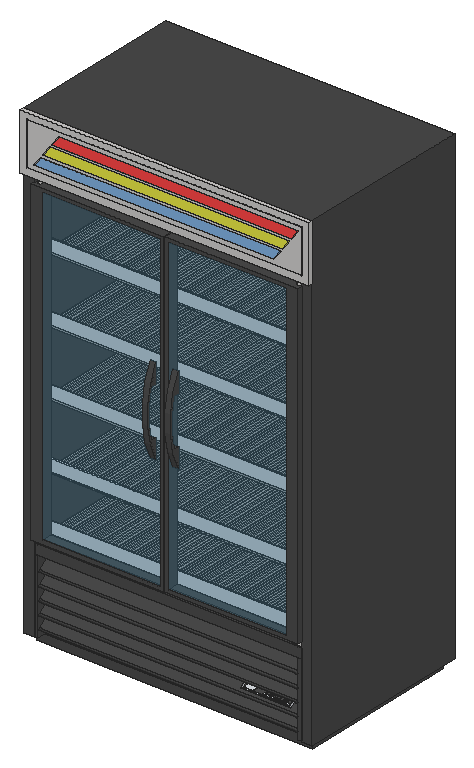
Revit family "QF_TRUE_TVM-48-HC~VM01", category Specialty Equipment, Revit 2016 (continued)
Definition of nested family "TVM-48-HC~VM01"
  Automatic sketch dimensions
    Extrusion 28 sketch curve to plane 5 "FRONT" = 2 1/16"
    plane 1 "BACK" to Extrusion 28 sketch curve = 1.1246"
    Extrusion 28 sketch curve to Extrusion 28 sketch curve = 1.33603"
    Extrusion 7 to Extrusion 29 sketch curve = 4.05477"
    Extrusion 29 sketch curve to Extrusion 7 = 21 53/64"
    Extrusion 30 sketch curve to plane 5 "FRONT" = 0"  (x2)
    Extrusion 30 sketch curve to Extrusion 30 sketch curve = 0.71288"
    plane 5 "FRONT" to Extrusion 30 sketch curve = 0.7941"
    Extrusion 30 sketch curve to plane 8 "Center X" = 2.08286"
    Extrusion 30 sketch curve to plane 8 "Center X" = 0.74772"
    level to Extrusion 30 sketch curve = 34.97865"
    Extrusion 30 sketch curve to Extrusion 30 sketch curve = 3.28225"
    Extrusion 30 sketch curve to Extrusion 30 sketch curve = 0.28347"
    Extrusion 30 sketch curve to Extrusion 30 sketch curve = 3.90274"
    Extrusion 30 sketch curve to Extrusion 30 sketch curve = 0.04696"
    Extrusion 30 sketch curve to Extrusion 30 sketch curve = 3.49273"
    Extrusion 30 sketch curve to Extrusion 30 sketch curve = 0.21048"
    Extrusion 30 sketch curve to Extrusion 30 sketch curve = 0"
    Extrusion 31 sketch curve to plane 5 "FRONT" = 0"  (x2)
    Extrusion 31 sketch curve to Extrusion 31 sketch curve = 0.71288"
    plane 5 "FRONT" to Extrusion 31 sketch curve = 0.7941"
    Extrusion 31 sketch curve to plane 8 "Center X" = 2.08286"
    Extrusion 31 sketch curve to plane 8 "Center X" = 0.74772"
    Extrusion 31 sketch curve to plane 6 "TOP" = 29.21388"
    Extrusion 31 sketch curve to Extrusion 31 sketch curve = 3.28225"
    Extrusion 31 sketch curve to Extrusion 31 sketch curve = 0.21048"
    Extrusion 31 sketch curve to Extrusion 31 sketch curve = 3.85578"
    Extrusion 31 sketch curve to Extrusion 31 sketch curve = 0.04696"
    Extrusion 31 sketch curve to Extrusion 31 sketch curve = 3.56572"
    Extrusion 31 sketch curve to Extrusion 31 sketch curve = 0.28347"
    Extrusion 31 sketch curve to Extrusion 31 sketch curve = 0"
    Extrusion 32 sketch curve to Extrusion 10 = 0"  (x5)
    Extrusion 10 to Extrusion 32 sketch curve = 0"
    Extrusion 10 to Extrusion 32 sketch curve = 0.66391"
    Extrusion 32 sketch curve to Extrusion 32 sketch curve = 19.30484"
    plane 5 "FRONT" to Extrusion 33 sketch curve = 0"  (x2)
    Extrusion 33 sketch curve to plane 11 = 0"  (x2)
    plane 3 "LEFT" to Extrusion 33 sketch curve = 1.50928"
    plane 3 "LEFT" to Extrusion 33 sketch curve = 1 3/4"
    Extrusion 33 sketch curve to plane 7 "Center Y" = 1/64"
    plane 7 "Center Y" to Extrusion 33 sketch curve = 7/64"
    plane 4 "RIGHT" to Extrusion 33 sketch curve = 1 23/32"
    plane 4 "RIGHT" to Extrusion 33 sketch curve = 1.63985"
    plane 4 "RIGHT" to Extrusion 34 sketch curve = 1 13/16"
    Extrusion 34 sketch curve to Extrusion 34 sketch curve = 1/4"  (x4)
    plane 3 "LEFT" to Extrusion 34 sketch curve = 2 1/32"
    plane 1 "BACK" to Extrusion 34 sketch curve = 2 13/16"
    Extrusion 34 sketch curve to plane 5 "FRONT" = 3 1/16"
    plane 3 "LEFT" to Extrusion 35 sketch curve = 2 7/32"
    Extrusion 35 sketch curve to Extrusion 35 sketch curve = 1/2"  (x83)
    Extrusion 35 sketch curve to plane 7 "Center Y" = 23/64"
    plane 7 "Center Y" to Extrusion 35 sketch curve = 9/64"
    level to Extrusion 35 sketch curve = 25 1/4"
    Extrusion 35 sketch curve to Extrusion 35 sketch curve = 0"  (x85)
    Extrusion 36 sketch curve to plane 5 "FRONT" = 2 53/64"
    Extrusion 36 sketch curve to Extrusion 36 sketch curve = 1/4"
    level to Extrusion 36 sketch curve = 25 1/4"
    Extrusion 36 sketch curve to Extrusion 36 sketch curve = 2"
    plane 4 "RIGHT" to Extrusion 37 sketch curve = 1 13/16"
    Extrusion 37 sketch curve to Extrusion 37 sketch curve = 1/4"  (x4)
    plane 3 "LEFT" to Extrusion 37 sketch curve = 2 1/32"
    plane 1 "BACK" to Extrusion 37 sketch curve = 2 13/16"
    Extrusion 37 sketch curve to plane 5 "FRONT" = 3 1/16"
    plane 3 "LEFT" to Extrusion 38 sketch curve = 2 7/32"
    Extrusion 38 sketch curve to Extrusion 38 sketch curve = 1/2"  (x83)
    Extrusion 38 sketch curve to plane 7 "Center Y" = 23/64"
    plane 7 "Center Y" to Extrusion 38 sketch curve = 9/64"
    level to Extrusion 38 sketch curve = 35.9625"
    Extrusion 38 sketch curve to Extrusion 38 sketch curve = 0"  (x85)
    Extrusion 39 sketch curve to plane 5 "FRONT" = 2 53/64"
    Extrusion 39 sketch curve to Extrusion 39 sketch curve = 1/4"
    level to Extrusion 39 sketch curve = 35.9625"
    Extrusion 39 sketch curve to Extrusion 39 sketch curve = 2"
    plane 4 "RIGHT" to Extrusion 40 sketch curve = 1 13/16"
    Extrusion 40 sketch curve to Extrusion 40 sketch curve = 1/4"  (x4)
    plane 3 "LEFT" to Extrusion 40 sketch curve = 2 1/32"
    plane 1 "BACK" to Extrusion 40 sketch curve = 2 13/16"
    Extrusion 40 sketch curve to plane 5 "FRONT" = 3 1/16"
    plane 3 "LEFT" to Extrusion 41 sketch curve = 2 7/32"
    Extrusion 41 sketch curve to Extrusion 41 sketch curve = 1/2"  (x83)
    Extrusion 41 sketch curve to plane 7 "Center Y" = 23/64"
    plane 7 "Center Y" to Extrusion 41 sketch curve = 9/64"
    Extrusion 41 sketch curve to plane 6 "TOP" = 31.8875"
    Extrusion 41 sketch curve to Extrusion 41 sketch curve = 0"  (x85)
    Extrusion 42 sketch curve to plane 5 "FRONT" = 2 53/64"
    Extrusion 42 sketch curve to Extrusion 42 sketch curve = 1/4"
    Extrusion 42 sketch curve to plane 6 "TOP" = 31.8875"
    Extrusion 42 sketch curve to Extrusion 42 sketch curve = 2"
    plane 4 "RIGHT" to Extrusion 43 sketch curve = 1 13/16"
    Extrusion 43 sketch curve to Extrusion 43 sketch curve = 1/4"  (x4)
    plane 3 "LEFT" to Extrusion 43 sketch curve = 2 1/32"
    plane 1 "BACK" to Extrusion 43 sketch curve = 2 13/16"
    Extrusion 43 sketch curve to plane 5 "FRONT" = 3 1/16"
    plane 3 "LEFT" to Extrusion 44 sketch curve = 2 7/32"
    Extrusion 44 sketch curve to Extrusion 44 sketch curve = 1/2"  (x83)
    Extrusion 44 sketch curve to plane 7 "Center Y" = 23/64"
    plane 7 "Center Y" to Extrusion 44 sketch curve = 9/64"
    Extrusion 44 sketch curve to plane 6 "TOP" = 21.175"
    Extrusion 44 sketch curve to Extrusion 44 sketch curve = 0"  (x85)
    Extrusion 45 sketch curve to plane 5 "FRONT" = 2 53/64"
    Extrusion 45 sketch curve to Extrusion 45 sketch curve = 1/4"
    Extrusion 45 sketch curve to plane 6 "TOP" = 21.175"
    Extrusion 45 sketch curve to Extrusion 45 sketch curve = 2"
    plane 4 "RIGHT" to Extrusion 46 sketch curve = 1 13/16"
    Extrusion 46 sketch curve to Extrusion 46 sketch curve = 1/4"  (x4)
    plane 3 "LEFT" to Extrusion 46 sketch curve = 2 1/32"
    plane 1 "BACK" to Extrusion 46 sketch curve = 2 13/16"
    Extrusion 46 sketch curve to plane 5 "FRONT" = 3 1/16"
    plane 3 "LEFT" to Extrusion 47 sketch curve = 2 7/32"
    Extrusion 47 sketch curve to Extrusion 47 sketch curve = 1/2"  (x83)
    Extrusion 47 sketch curve to plane 7 "Center Y" = 23/64"
    plane 7 "Center Y" to Extrusion 47 sketch curve = 9/64"
    level to Extrusion 47 sketch curve = 16.0375"
    Extrusion 47 sketch curve to Extrusion 47 sketch curve = 0"  (x85)
    Extrusion 48 sketch curve to plane 5 "FRONT" = 2 53/64"
    Extrusion 48 sketch curve to Extrusion 48 sketch curve = 1/4"
    level to Extrusion 48 sketch curve = 16.0375"
    Extrusion 48 sketch curve to Extrusion 48 sketch curve = 2"
    radius of Extrusion 11 sketch curve = 0.33333"
    radius of Extrusion 15 sketch curve = 0.33333"
    radius of Extrusion 19 sketch curve = 0.33333"
    radius of Extrusion 22 sketch curve = 0.33333"
    radius of Extrusion 29 sketch curve = 1/2"
    radius of Extrusion 35 sketch curve = 1/8"  (x86)
    radius of Extrusion 38 sketch curve = 1/8"  (x86)
    radius of Extrusion 41 sketch curve = 1/8"  (x86)
    radius of Extrusion 44 sketch curve = 1/8"  (x86)
    radius of Extrusion 47 sketch curve = 1/8"  (x86)
  Nested families (in)
    nested 1: "QF_LOGO_TRUE" at (35.03857, -28.48815, 5.54612), Show Logo <- "Show Logo", type "QF_LOGO_TRUE", detail levels medium+fine
      with Show Logo yes
  Connectors (in)
    electrical at (23.57812, 0.25, 9.6548), driven by "Volts", driven by "Watts"
      settings: on Extrusion 29, index 1, voltage 115 V, apparent load 230 VA, apparent load phase1 0 VA, apparent load phase2 0 VA, apparent load phase3 0 VA, power factor 1, load classification none, number of poles 1, system type 30, power factor state 1, is connector primary yes, connector utility no, sub classification motor no, connector description "ELECTRICAL CONNECTION"
  Definition of nested family "QF_LOGO_TRUE"
    Parameters (values of type "QF_LOGO_TRUE")
      Show Logo [instance] = yes
    Reference planes (in)
      plane 1 "Center (Front/Back)": y = 0
      plane 2: z = 0
      plane 3 "Center (Left/Right)": x = 0
    Forms (in)
      Extrusion 1, solid, visible <- "Show Logo"
        sketch origin (-78.34647, -4.42964, -46.04482) x (1, 0, 0) y (0, 0.81135, 0.584561)
          loop
            line (81.15226, 31.65456) -> (81.07353, 31.48573) -> (82.12083, 31.48573)
            arc (82.12083, 31.48573) -> (82.14208, 31.44814) -> (82.12083, 31.41055) r 0.04386
            line (82.12083, 31.41055) -> (81.84767, 30.82478)
            arc (81.84767, 30.82478) -> (81.84531, 30.77052) -> (81.882, 30.73048) r 0.07096
            line (81.882, 30.73048) -> (82.55165, 30.73048)
            arc (82.55165, 30.73048) -> (82.63621, 30.75714) -> (82.69019, 30.82748) r 0.14742
            line (82.69019, 30.82748) -> (82.90515, 31.28847) -> (83.10265, 31.28847)
            arc (83.10265, 31.28847) -> (83.15447, 31.26942) -> (83.14697, 31.21472) r 0.04405
            line (83.14697, 31.21472) -> (82.9671, 30.82899)
            arc (82.9671, 30.82899) -> (82.9699, 30.76493) -> (83.02398, 30.73048) r 0.06943
            line (83.02398, 30.73048) -> (83.6124, 30.73048)
            arc (83.6124, 30.73048) -> (83.65748, 30.74689) -> (83.68147, 30.78844) r 0.07014
            arc (83.68147, 30.78844) -> (83.69845, 30.74745) -> (83.73943, 30.73048) r 0.05796
            line (83.73943, 30.73048) -> (84.112, 30.73048)
            arc (84.112, 30.73048) -> (84.15504, 30.74201) -> (84.18655, 30.77352) r 0.08608
            arc (84.18655, 30.77352) -> (84.20164, 30.7371) -> (84.23806, 30.72202) r 0.0515
            line (84.23806, 30.72202) -> (84.76757, 30.72202)
            arc (84.76757, 30.72202) -> (84.81086, 30.73995) -> (84.8288, 30.78324) r 0.06122
            arc (84.8288, 30.78324) -> (84.86848, 30.74355) -> (84.92269, 30.72903) r 0.10842
            line (84.92269, 30.72903) -> (85.91461, 30.72903) -> (86.02479, 30.91987) -> (85.0243, 30.91987)
            arc (85.0243, 30.91987) -> (84.99669, 30.93902) -> (84.99566, 30.97261) r 0.03732
            line (84.99566, 30.97261) -> (85.01297, 31.00972)
            arc (85.01297, 31.00972) -> (85.03954, 31.04453) -> (85.0813, 31.05774) r 0.07263
            line (85.0813, 31.05774) -> (85.40289, 31.05774)
            arc (85.40289, 31.05774) -> (85.4723, 31.07633) -> (85.52311, 31.12715) r 0.13882
            line (85.52311, 31.12715) -> (85.61625, 31.28847)
            arc (85.61625, 31.28847) -> (85.61625, 31.37458) -> (85.54168, 31.41763) r 0.08611
            line (85.54168, 31.41763) -> (85.20227, 31.41763)
            arc (85.20227, 31.41763) -> (85.11574, 31.40294) -> (85.05538, 31.33923) r 0.13863
            line (85.05538, 31.33923) -> (84.89409, 30.99333)
            arc (84.89409, 30.99333) -> (84.84649, 30.9313) -> (84.77191, 30.90778) r 0.13002
            line (84.77191, 30.90778) -> (84.41984, 30.90778)
            arc (84.41984, 30.90778) -> (84.3777, 30.95378) -> (84.38042, 31.0161) r 0.08151
            line (84.38042, 31.0161) -> (84.56766, 31.41763) -> (84.44849, 31.41763) -> (84.25012, 30.99222)
            arc (84.25012, 30.99222) -> (84.21158, 30.94199) -> (84.15119, 30.92296) r 0.10527
            line (84.15119, 30.92296) -> (83.90842, 30.92296)
            arc (83.90842, 30.92296) -> (83.8674, 30.97642) -> (83.87619, 31.04323) r 0.08805
            line (83.87619, 31.04323) -> (84.05078, 31.41763) -> (83.92772, 31.41763) -> (83.72676, 30.98668)
            arc (83.72676, 30.98668) -> (83.68011, 30.94003) -> (83.61639, 30.92296) r 0.12745
            line (83.61639, 30.92296) -> (83.26484, 30.92296)
            arc (83.26484, 30.92296) -> (83.2017, 30.9524) -> (83.19563, 31.0218) r 0.06967
            line (83.19563, 31.0218) -> (83.31118, 31.26961) -> (83.47452, 31.26961)
            arc (83.47452, 31.26961) -> (83.50209, 31.35268) -> (83.56075, 31.41763) r 0.21289
            line (83.56075, 31.41763) -> (82.92244, 31.41763)
            arc (82.92244, 31.41763) -> (82.85151, 31.40191) -> (82.80242, 31.34834) r 0.12081
            line (82.80242, 31.34834) -> (82.6294, 30.9773)
            arc (82.6294, 30.9773) -> (82.58962, 30.93752) -> (82.53528, 30.92296) r 0.10869
            line (82.53528, 30.92296) -> (82.1542, 30.92296)
            arc (82.1542, 30.92296) -> (82.12446, 30.96315) -> (82.13012, 31.01283) r 0.06822
            line (82.13012, 31.01283) -> (82.38156, 31.48573) -> (83.01596, 31.48573) -> (83.09469, 31.65456) -> (82.46029, 31.65456) -> (82.53902, 31.8234) -> (82.31334, 31.8234) -> (82.23461, 31.65456) -> (81.15226, 31.65456)
          loop
            arc (85.15937, 31.26434) -> (85.13191, 31.25698) -> (85.1118, 31.23688) r 0.05494
            line (85.1118, 31.23688) -> (85.09547, 31.18665)
            arc (85.09547, 31.18665) -> (85.10304, 31.16837) -> (85.12133, 31.16079) r 0.02586
            line (85.12133, 31.16079) -> (85.39889, 31.16079)
            arc (85.39889, 31.16079) -> (85.41888, 31.16523) -> (85.43513, 31.1777) r 0.04731
            line (85.43513, 31.1777) -> (85.44863, 31.2402)
            arc (85.44863, 31.2402) -> (85.44466, 31.25693) -> (85.42914, 31.26434) r 0.01994
            line (85.42914, 31.26434) -> (85.15937, 31.26434)
          loop
            line (78.62961, 30.74125) -> (80.12032, 30.74125) -> (80.73891, 31.81268) -> (79.2482, 31.81268) -> (78.62961, 30.74125)
        from 34.76797 to 34.83173
      Extrusion 2, solid, visible <- "Show Logo"
        sketch origin (-142.84857, -6.74811, -47.69308) x (1, 0, 0) y (0, 0.81135, 0.584561)
          loop
            line (150.81107, 34.71978) -> (142.98607, 34.71978) -> (142.98607, 33.4921) -> (150.81107, 33.4921) -> (150.81107, 34.71978)
        from 34.75108 to 34.78125
      Extrusion 3, solid, visible <- "Show Logo"
        sketch origin (-142.84857, -6.74811, -47.69308) x (1, 0, 0) y (0, 0.81135, 0.584561)
          loop
            line (150.94857, 34.85727) -> (142.84857, 34.85727) -> (142.84857, 33.3546) -> (150.94857, 33.3546) -> (150.94857, 34.85727)
          loop
            line (142.98607, 34.71978) -> (142.98607, 33.4921) -> (150.81107, 33.4921) -> (150.81107, 34.71978) -> (142.98607, 34.71978)
        from 34.75108 to 34.81376
    Dimensions and locks (in)
      aligned and locked: level to plane 2
      aligned and locked: Extrusion 2 to Extrusion 3  (x2)
      aligned and locked: Extrusion 2 sketch curve to Extrusion 3
Definition of nested family "LEGS & CASTERS"
  Parameters (values of type "LEGS & CASTERS")
    Weight = ""
    URL Manufacturer = ""
    URL Cutsheet = ""
    URL = ""
    Type Mark [instance] = ""
    Specification by User [instance] = ""
    Specification by Manufacturer = ""
    Show Seismic Flanged [instance] = yes
    Show Default [instance] = yes
    Show 6 Inches Legs [instance] = yes
    Show 4 Inches Casters [instance] = yes
    Serial Number = ""
    Seismic Rating = ""
    SMACNA No = ""
    Revision Code [instance] = ""
    Omniclass Number and Title = ""
    NAFEM Spec ID Number = ""
    Model = ""
    MasterSpec. = ""
    Manufacturer = ""
    Item Number [instance] = ""
    Installed By [instance] = ""
    Identify Quantity as Lot [instance] = yes
    Furnished By [instance] = ""
    Foodservice Equipment Identifier [instance] = yes
    Description = ""
    CSI MasterFormat = ""
    CSI Master Format = ""
    Assembly Code = ""
  Reference planes (in)
    plane 1: z = 0
    plane 2 "RIGHT": x = 0
    plane 3 "FRONT": y = 0
    plane 4 "TOP": z = 6
    plane 5: z = 3.25
  Forms (in)
    Revolve 1, solid, visible <- "Show 6 Inches Legs"
      sketch origin (-2, 0, 0) x (1, 0, 0) y (0, 0, -1)
        loop
          line (2, -6) -> (2, 0) -> (1.5, 0) -> (1.5, -1) -> (1.25, -1) -> (1.25, -6) -> (2, -6)
        axis (2, 0) -> (2, -6)
      angle from 0 to 360
    Extrusion 2, solid, visible <- "Show Seismic Flanged"
      sketch origin (-3.06916, 1.69416, 0) x (1, 0, 0) y (0, 1, 0)
        loop
          circle (3.06916, -1.69416) r 1.5
      from 0 to 0.25
    Revolve 3, solid, visible <- "Show Default"
      sketch origin (0, 17.11577, 0) x (0, 1, 0) y (0, 0, -1)
        loop
          line (-17.11577, 0) -> (-17.98654, 0) -> (-17.98654, -0.25) -> (-17.11577, -0.25) -> (-17.11577, 0)
        axis (-17.11577, 0) -> (-17.11577, -0.25)
      angle from 0 to 360
    Revolve 4, solid, visible <- "Show Seismic Flanged"
      sketch origin (-2, 0, 0) x (1, 0, 0) y (0, 0, -1)
        loop
          line (2, -6) -> (2, 0) -> (1.5, 0) -> (1.5, -1) -> (1.25, -1) -> (1.25, -6) -> (2, -6)
        axis (2, 0) -> (2, -6)
      angle from 0 to 360
    Revolve 5, solid, visible <- "Show 4 Inches Casters"
      sketch origin (-1.93794, 0.83816, -1.0041) x (1, 0, 0) y (0, 0, 1)
        loop
          line (0.74055, 2.5041) -> (3.15007, 2.5041) -> (3.15007, 2.5796) -> (3.10007, 2.6296) -> (3.04007, 2.6296) -> (3.04007, 2.74967) -> (2.62438, 2.74967) -> (2.62438, 2.93884) -> (2.48438, 3.01967) -> (2.45908, 3.17597) -> (2.51563, 3.17597) -> (2.51563, 3.41035) -> (2.48438, 3.41035) -> (2.48438, 4.0041) -> (1.375, 4.0041) -> (1.375, 3.41035) -> (1.34375, 3.41035) -> (1.34375, 3.17597) -> (1.4003, 3.17597) -> (1.37557, 3.02318) -> (1.235, 2.94202) -> (1.235, 2.74967) -> (0.85055, 2.74967) -> (0.85055, 2.6296) -> (0.79055, 2.6296) -> (0.74055, 2.5796) -> (0.74055, 2.5041)
        axis (0.74055, 2.5041) -> (3.15007, 2.5041)
      angle from 0 to 360
    Extrusion 6, solid, visible <- "Show 4 Inches Casters"
      sketch origin (-1.93794, 1.80294, -1.7541) x (0, 1, 0) y (0, 0, 1)
        loop
          line (-3.08794, 5.33423) -> (-3.08794, 5.00584) -> (-2.69466, 5.00584)
          arc (-2.69466, 5.00584) -> (-1.57175, 4.94895) -> (-0.46376, 4.75787) r 9.36411
          arc (-0.46376, 4.75787) -> (-0.05889, 4.58436) -> (0.28335, 4.30705) r 1.60049
          line (0.28335, 4.30705) -> (0.34449, 4.39437)
          arc (0.34449, 4.39437) -> (0.12713, 4.6163) -> (-0.1239, 4.79931) r 1.8753
          line (-0.1239, 4.79931) -> (-0.05749, 4.91421)
          arc (-0.05749, 4.91421) -> (-0.33807, 5.05694) -> (-0.64294, 5.13542) r 1.44292
          line (-0.64294, 5.13542) -> (-0.64294, 5.33423) -> (-3.08794, 5.33423)
      from 1.1267 to 2.74918
    Revolve 7, solid, visible <- "Show 4 Inches Casters"
      sketch origin (0, 2.15543, -2.25) x (0, 1, 0) y (0, 0, 1)
        loop
          line (-2.21793, 6.25) -> (-2.21793, 5.83014) -> (-1.05793, 5.83014) -> (-1.05793, 6.25) -> (-2.21793, 6.25)
        axis (-2.21793, 5.83014) -> (-2.21793, 6.25)
      angle from 0 to 360
    Extrusion 8, solid, visible <- "Show 4 Inches Casters"
      sketch origin (-1.93794, 1.80294, -1.7541) x (0, 1, 0) y (0, 0, 1)
        loop
          line (-3.08794, 5.33423) -> (-3.08794, 5.00584) -> (-2.8913, 5.00584)
          arc (-2.8913, 5.00584) -> (-2.09118, 4.14057) -> (-1.45681, 3.14736) r 6.63355
          arc (-1.45681, 3.14736) -> (-0.85703, 2.75969) -> (-0.4561, 3.35069) r 0.5107
          arc (-0.4561, 3.35069) -> (-0.27092, 3.92503) -> (0.24034, 4.24562) r 0.88136
          line (0.24034, 4.24562) -> (0.34449, 4.39437)
          arc (0.34449, 4.39437) -> (0.12713, 4.6163) -> (-0.1239, 4.79931) r 1.8753
          line (-0.1239, 4.79931) -> (-0.05749, 4.91421)
          arc (-0.05749, 4.91421) -> (-0.33807, 5.05694) -> (-0.64294, 5.13542) r 1.44292
          line (-0.64294, 5.13542) -> (-0.64294, 5.33423) -> (-3.08794, 5.33423)
      from 2.74918 to 2.90825
    Extrusion 9, solid, visible <- "Show 4 Inches Casters"
      sketch origin (1.93794, 1.80294, -1.7541) x (0, 1, 0) y (0, 0, -1)
        loop
          line (-3.08794, -5.33423) -> (-0.64294, -5.33423) -> (-0.64294, -5.13542)
          arc (-0.64294, -5.13542) -> (-0.33807, -5.05694) -> (-0.05749, -4.91421) r 1.44292
          line (-0.05749, -4.91421) -> (-0.1239, -4.79931)
          arc (-0.1239, -4.79931) -> (0.12713, -4.6163) -> (0.34449, -4.39437) r 1.8753
          line (0.34449, -4.39437) -> (0.24034, -4.24562)
          arc (0.24034, -4.24562) -> (-0.27092, -3.92503) -> (-0.4561, -3.35069) r 0.88136
          arc (-0.4561, -3.35069) -> (-0.85703, -2.75969) -> (-1.45681, -3.14736) r 0.5107
          arc (-1.45681, -3.14736) -> (-2.09118, -4.14057) -> (-2.8913, -5.00584) r 6.63355
          line (-2.8913, -5.00584) -> (-3.08794, -5.00584) -> (-3.08794, -5.33423)
      from 2.74918 to 2.90825
  Lines and regions (in)
    symbolic lines
      curve 1: line (0.18109, 1.09133, 0) -> (0.88402, 0.6855, 0)
      curve 2: line (-0.81891, -0.64072, 0) -> (0.18109, 1.09133, 0)
      curve 3: line (-0.11598, -1.04656, 0) -> (-0.81891, -0.64072, 0)
      curve 4: line (0.88402, 0.6855, 0) -> (-0.11598, -1.04656, 0)
  Dimensions and locks (in)
    plane 4 "TOP" to level = 6"  (x2)
    plane 5 to level = 3 1/4"
    aligned and locked: plane 1 to level
